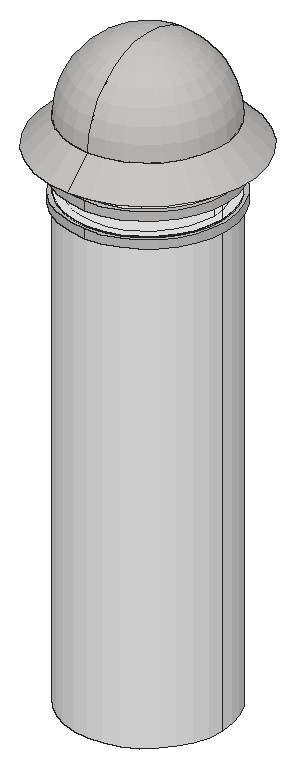
Revit family "Bollard", category Lighting Fixtures, Revit 2015
Parameters (values of type "Incandescent - 120V")
  Wattage = 100 W
  built-in parameter 1150110 = 1 (stored number, unit not read)
  built-in parameter 1114217 = 1 (stored number, unit not read)
  built-in parameter 1150109 = 1 (stored number, unit not read)
  built-in parameter 1150134 = 4
  built-in parameter 1150113 = 1 (stored number, unit not read)
  Material [instance] = none
  Lumens = 1690 lm
  built-in parameter 1150115 = 1 (stored number, unit not read)
  built-in parameter 1150105 = 134.49 (stored number, unit not read)
  Load Classification = Lighting - Exterior
  Light Source Symbol Size = 100 mm
  built-in parameter 1150137 = 1
  built-in parameter 1150139 = (empty or 0)
  built-in parameter 1150112 = 1 (stored number, unit not read)
  built-in parameter 1150114 = 1 (stored number, unit not read)
  Lamp = "A-19"
  built-in parameter 1150132 = (empty or 0)
  built-in parameter 1150102 = (empty or 0)
  built-in parameter 1150138 = (empty or 0)
  built-in parameter 1150107 = 2800 (stored number, unit not read)
  built-in parameter 1150106 = 1.3449 (stored number, unit not read)
  built-in parameter 1150104 = 1.5701 (stored number, unit not read)
  Dimming Lamp Color Temperature Shift = <None>
  Color Filter = 16777215
  Ballast Voltage = 120 V
  Ballast Number of Poles = 1
  built-in parameter 1114218 = 1 (stored number, unit not read)
  built-in parameter 1150133 = 10 (stored number, unit not read)
  Apparent Load = 100 VA
Types (5, lengths in mm): name | Wattage | built-in parameter 1114217 | Lumens | built-in parameter 1150105 | Light Source Symbol Size | Lamp | built-in parameter 1150106 | built-in parameter 1150104 | Ballast Voltage | built-in parameter 1114218 | Apparent Load
  (no name) | 100 W | 1 (stored number, unit not read) | 1690 lm | 134.49 (stored number, unit not read) | 100 | "A-19" | 1.3449 (stored number, unit not read) | 1.5701 (stored number, unit not read) | 120 V | 1 (stored number, unit not read) | 100 VA
  Incandescent - 120V | 100 W | 1 (stored number, unit not read) | 1690 lm | 134.49 (stored number, unit not read) | 100 | "A-19" | 1.3449 (stored number, unit not read) | 1.5701 (stored number, unit not read) | 120 V | 1 (stored number, unit not read) | 100 VA
  Incandescent - 277V | 100 W | 1 (stored number, unit not read) | 1690 lm | 134.49 (stored number, unit not read) | 609.6 | "A-19" | 1.3449 (stored number, unit not read) | 1.5701 (stored number, unit not read) | 277 V | 1 (stored number, unit not read) | 100 VA
  Fluorescent - 120V | 26 W | 0.88 (stored number, unit not read) | 1799.98 lm | 143.24 (stored number, unit not read) | 609.6 | 0 | 1.4324 (stored number, unit not read) | 6.4317 (stored number, unit not read) | 120 V | 0.88 (stored number, unit not read) | 26 VA
  Fluorescent - 277V | 26 W | 0.88 (stored number, unit not read) | 1799.98 lm | 143.24 (stored number, unit not read) | 609.6 | 0 | 1.4324 (stored number, unit not read) | 6.4317 (stored number, unit not read) | 277 V | 0.88 (stored number, unit not read) | 26 VA
Reference planes
  plane 1 "Light Source Axis": y = -114.3
  plane 2: z = 0
  plane 3 "Light Source Axis": x = -114.3
  plane 4 "Light Source Elevation": z = 762
  plane 5: y = 0
  plane 6: x = 0
  plane 7: y = -228.6
  plane 8: x = -228.6
  plane 9: z = 914.4
  plane 10: z = 800.1
  plane 11: z = 698.5
Forms (mm)
  Extrusion 1, solid, material <- "Material"
    sketch origin (0, 0, 0) x (1, 0, 0) y (0, 1, 0)
      loop
        circle (-114.3, -114.3) r 114.3
    from 0 to 698.5
  Extrusion 2, solid, material "Glass"
    sketch origin (0, 0, 0) x (1, 0, 0) y (0, 1, 0)
      loop
        circle (-114.3, -114.3) r 114.3
      loop
        circle (-114.3, -114.3) r 101.6
    from 698.5 to 800.1
  Revolve 3, solid, material "Stainless Polished Steel"
    sketch origin (-114.3, 0, 0) x (0, 1, 0) y (0, 0, 1)
      loop
        line (-114.3, 914.4) -> (-114.3, 901.7) -> (0, 787.4) -> (0, 762) -> (38.1, 762) -> (0, 800.1)
        arc (0, 800.1) -> (-33.478, 880.922) -> (-114.3, 914.4) r 114.3
      loop
        line (0, 698.5) -> (0, 685.8) -> (6.35, 685.8) -> (6.35, 698.5) -> (0, 698.5)
      loop
        line (0, 736.6) -> (0, 723.9) -> (6.35, 723.9) -> (6.35, 736.6) -> (0, 736.6)
      axis (-114.3, 914.4) -> (-114.3, 685.8)
    angle from 0 to 360
Lines and regions (mm)
  Masking region 1
    outline origin (0, 0, 0) x (1, 0, 0) y (0, 1, 0)
      loop
        circle (-114.3, -114.3) r 152.4
  symbolic lines, style "Exterior"
    curve 1: arc (0, -114.3, 0) -> (-114.3, 0, 0) -> (-228.6, -114.3, 0) r 114.3
    curve 2: arc (-228.6, -114.3, 0) -> (-114.3, -228.6, 0) -> (0, -114.3, 0) r 114.3
    curve 3: arc (38.1, -114.3, 0) -> (-114.3, 38.1, 0) -> (-266.7, -114.3, 0) r 152.4
    curve 4: arc (-266.7, -114.3, 0) -> (-114.3, -266.7, 0) -> (38.1, -114.3, 0) r 152.4
Dimensions and locks
  equal spacing: plane 8, plane 3 "Light Source Axis", plane 6
  plane 8 to plane 6 = 228.6 mm
  plane 7 to plane 5 = 228.6 mm
  equal spacing: plane 7, plane 1 "Light Source Axis", plane 5
  plane 4 "Light Source Elevation" to plane 2 = 762 mm
  plane 9 to plane 2 = 914.4 mm
  locked: plane 9 to plane 10 at 114.3
  locked: plane 10 to plane 11 at 101.6
  aligned and locked: Extrusion 1 to plane 11
  aligned and locked: Extrusion 2 to plane 10
  aligned and locked: Extrusion 2 to Extrusion 1
  aligned and locked: Masking region 1 sketch curve to curve 3
  aligned and locked: plane 3 "Light Source Axis" to imposter light
  aligned and locked: plane 1 "Light Source Axis" to imposter light
  aligned and locked: plane 4 "Light Source Elevation" to imposter light
Connectors
  electrical at (-114.3, -114.3, 698.5), driven by "Apparent Load", driven by "Ballast Voltage", driven by "Ballast Number of Poles", driven by "Load Classification"
    settings: on Extrusion 1, index 1, voltage 120 V, apparent load 0 VA, apparent load phase1 100 VA, apparent load phase2 0 VA, apparent load phase3 0 VA, power factor 0.95, load classification "Lighting - Exterior", number of poles 1, system type 31, power factor state 1, is connector primary yes, connector utility no, sub classification motor no, connector description ""
